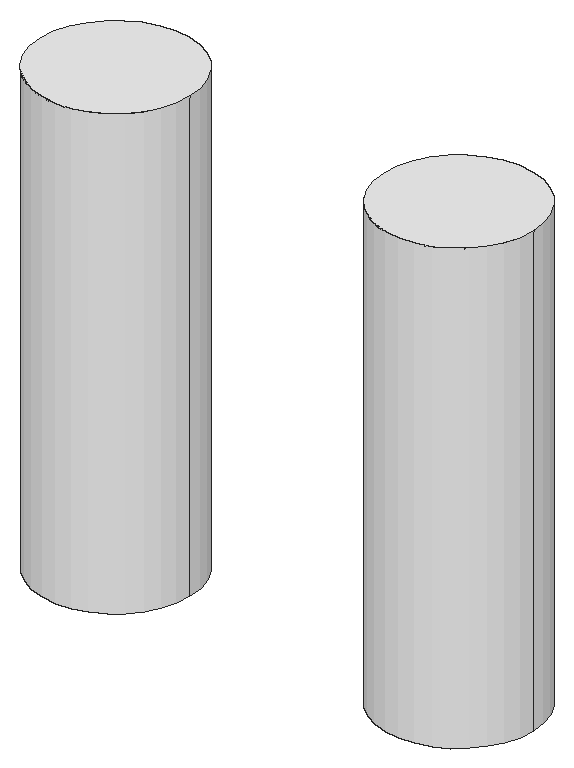
Revit family "921022190005(2023)", category Plumbing Fixtures, Revit 2020
Family settings
  Round Connector Dimension = Use Diameter
  Part Type = Normal
  OmniClass Number = 23.45.55.00
  OmniClass Title = Sanitary Faucets, Wastes
  Work Plane-Based = No
  Always vertical = Yes
  Cut with Voids When Loaded = No
  Shared = No
  Room Calculation Point = No
Parameters (values of type "921022190005 Washbasin faucet, 3 V, Bluetooth")
  Working Pressure = "100 - 1000 kPa"
  WarrantyStartDate [instance] = "n/a"
  WarrantyGuarantorParts = "n/a"
  WarrantyGuarantorLabor = "n/a"
  WarrantyDurationUnit = "Year"
  WarrantyDurationParts = "n/a"
  WarrantyDurationLabor = "n/a"
  WarrantyDescription = "http://warranty.hansa.com"
  Warranty Information URL = "http://warranty.hansa.com"
  VersionDate = "01/06/2023"
  Version = "1"
  ValvePattern = "n/a"
  ValveOperation = "n/a"
  ValveMechanism = "n/a"
  Uniclass2015Reference = "Pr_40_20_87_96"
  Uniclass2015Description = "Washbasin manual water supply sets"
  Uniclass2 = "Pr_40_30_96_96"
  URL WEEE = "http://static.hansa.com/WEEE/921022190005"
  URL UWL = "http://static.hansa.com/UWL/921022190005"
  URL REACH = "http://static.hansa.com/doc/reach"
  URL EcoLabel Declaration = "http://static.hansa.com/doc/EcoLabel"
  URL EU Packaging Declaration = "http://static.hansa.com/doc/packaging"
  URL Declaration of SCIP = "http://static.hansa.com/doc/SCIP"
  URL Declaration of Conformity = "http://static.hansa.com/DoC/921022190005"
  URL Declaration of Asbestos = "http://static.hansa.com/doc/asbestos"
  URL Declaration Of Performance (DOP) = "http://static.hansa.com/doc/DoP"
  URL = ""
  UNSPSC Class Number = "30181700 Faucets or taps"
  Type Comments = ""
  TestPressure = "n/a"
  Temperature Adjustments = "Adjustable hot water stop (included, retrofittable)"
  Technical DataSheet URL = "http://www.hansa.com/datasheet/921022190005/en"
  TagNumber [instance] = "n/a"
  SustainabilityPerformance = "n/a"
  Surface treatment = "Chrome"
  Spout Type = "Fixed spout"
  Spout Projection = "117 mm"
  Size = "70x165x135 mm"
  Shape = "Sculptured"
  SerialNumber [instance] = "n/a"
  Sales Package dimensions (LxWxH) = "284 x 191 x 83.5"
  Revision = "n/a"
  ReplacementCost = "n/a"
  Protection Class = "IP 55"
  ProductInformation = "n/a"
  Product URL = "http://static.hansa.com/921022190005"
  Product Image URL = "http://static.hansa.com/image/921022190005"
  Product Family = "HANSAELECTRA Eco+"
  Product Code = "921022190005"
  OperatingMechanismMaterial = "n/a"
  Operating Voltage = 39 V
  Operating Distance = "20-130 mm (110/130/160 mm)"
  NominalWidth = 69.286 mm
  NominalHeight = 135.012 mm
  NominalDepth = 163.081 mm
  Noise Class = "I (ISO 3822) "
  Name_en = "921022190005 Washbasin faucet, 3 V, Bluetooth"
  Name = "921022190005 Washbasin faucet, 3 V, Bluetooth"
  NBSReference = "45-35-70/371"
  NBSDescription = "Water supply fittings for wash basins and troughs"
  Mounting Holes = "1 hole"
  ModelReference = "921022190005"
  ModelNumber = "n/a"
  Model = "921022190005 Washbasin faucet, 3 V, Bluetooth"
  Mobile Product Information URL = "http://mpi.hansa.com/921022190005"
  Mechanical Parts = "Mixing valve for manual temperature control;Non-return valve(s);Litter filter(s)"
  Max. Hot Water Supply = 70 °C
  Max Flow Period = "2 min (1 - 1800 s)"
  Material = "Composite"
  Market = "International;Germany;Austria;Switzerland;Belgium;Netherlands;Italy"
  ManufacturerURL = "http://www.hansa.com"
  ManufacturerName = "HANSA"
  Manufacturer = "HANSA"
  Long Marketing = "Electra 92 series is giving you a whole new modern design with its rounded square body and spout. Giving you new fresh and updated design.\nDesign compliments the new trends of the modern bathroom with its more squared design.\n\nKey Features\nAerator with Eco flow limitation for ECO building installation\nNewest Sensor technology for better detection and operation comfort\nBluetooth technology for easy adjustment to personalize settings \nAntiscalding protection\nTemperature measurement\nBattery and power cable"
  Lever Handle = "Temperature control handle"
  Keynote = ""
  InstallationDate [instance] = "n/a"
  Installation Type = "Deck mounted"
  InletConnectionSize = 10 mm
  IfcExportType = "FAUCET"  # constant formula
  IfcExportAs = "IfcValveType"  # constant formula
  Group = "Washbasin faucet"
  Grade = "n/a"
  FlowCoefficient = 0
  Flow Rate At 300kPa With Flow Controller = 0.07 L/s
  Flow Drawing URL = "http://static.hansa.com/flowchart/921022190005"
  Finish = "Polished"
  Features = "Touchless;Battery-operated;External transformer;Bluetooth®;Lead free"
  FaucetMainMaterial = Brass
  FDV Document URL = "http://www.hansa.com/datasheet/921022190005/en/fdv"
  ExpectedLife = "n/a"
  Electronic Parts = ";Light indicated function(s);Low battery indicator"
  Electrical Connection = "9 V"
  ETIM Class Number = "EC010340 Electronic tap"
  EN Standard = "EN 15091"
  EMC Directive = "2014/53/EU , 2011/65/EU"
  EAN Number = "4057304019319"
  DurationUnit = "Year"
  Dimension Drawing URL = "http://static.hansa.com/dimdrw/921022190005"
  Description = ""
  DefaultElevation [instance] = 900 mm
  Default Elevation = 0 mm
  Constituents = "n/a"
  Connection Size = "G3/8"
  Connection = "Flexible inlet pipes"
  Color = "Chrome"
  CodePerformance = "n/a"
  CloseOffRating = 0
  Catalog Drawing URL = "http://static.hansa.com/catdrw/921022190005"
  Brand = "HANSA"
  BodyMaterial = "Brass"
  Bluetooth = "5.x (D060576)"
  Battery = "AA 1.5 V Lithium x 2"
  Barcode [instance] = "n/a"
  Backflow Prevention EN1717 = "EB"
  BIMObjectName = "921022190005(2023)"
  Automatic Flush Period = "30 s (1-1800 s)"
  Automatic Flush Frequency = "off (off/1-120 h)"
  Author = "BIMStone"
  AssetType = "Fixed"
  AssetIdentifier [instance] = "n/a"
  Afterflow Period = "3 s (1-20 s)"
  Aerator = "PCA® - constant flow rate regardless of pressure variations;Adjustable flow angle"
  Advanced Features = "3S-installation system for safe and simple mounting"
  AccessibilityPerformance = "n/a"
  2D/3D/BIM Files URL = "http://static.hansa.com/bim/921022190005"
Reference planes
  plane 1 "Center (Front/Back)": y = 0
  plane 2: z = 0
  plane 3 "Center (Left/Right)": x = 0
  plane 4: x = -27.304
  plane 5: z = 900
  plane 6: z = 870
  plane 7: y = -163.081
  plane 8: x = 27.304
  plane 9: z = 1035.012
  plane 10: x = 41.982
Forms (mm)
  Extrusion 1, solid, material "Brass" <- "FaucetMainMaterial"
    sketch origin (0, -2.393, 0) x (1, 0, 0) y (0, 1, 0)
      loop
        circle (-11.5, -22.5) r 5
      loop
        circle (11.5, -22.5) r 5
    from 870 to 900
Dimensions and locks
  "DefaultElevation": plane 5 to level
  locked: plane 5 to plane 6 at 30
  "NominalDepth": plane 7 to plane 1 "Center (Front/Back)"
  equal spacing: plane 4, plane 3 "Center (Left/Right)", plane 8
  "NominalHeight": plane 9 to plane 5
  locked: plane 8 to plane 10 at 14.678
  "NominalWidth": plane 4 to plane 10
  "InletConnectionSize": diameter of Extrusion 1 sketch curve  (x2)
  aligned and locked: level to plane 2
  aligned and locked: plane 5 to Extrusion 1
  aligned and locked: Extrusion 1 to plane 6
  aligned and locked: plane 1 "Center (Front/Back)" to nested 2
  aligned and locked: plane 3 "Center (Left/Right)" to nested 2
  aligned and locked: plane 3 "Center (Left/Right)" to nested 1
  aligned and locked: plane 1 "Center (Front/Back)" to nested 1
  aligned and locked: plane 5 to nested 2
Automatic sketch dimensions
  Extrusion 1 sketch curve to plane 3 "Center (Left/Right)" = 11.5 mm
  plane 3 "Center (Left/Right)" to Extrusion 1 sketch curve = 11.5 mm
  plane 1 "Center (Front/Back)" to Extrusion 1 sketch curve = 24.893 mm
  Extrusion 1 sketch curve to Extrusion 1 sketch curve = 0 mm
Nested families
  nested 1: "Symbol" at (0, 0, 0), type "Symbol", detail levels coarse
  nested 2: "921022190005(2023)_Body" at (0, 0, 900), Material <- "FaucetMainMaterial", type "921022190005(2023)_Body"
    with Material Brass
Connectors
  piping at (-11.5, -24.893, 870), diameter 10, driven by "InletConnectionSize"
    settings: on Extrusion 1, index 1, connector inside diameter 609.6 mm, connector length 0 mm, flow factor 0, pipe flow 0.2 L/s, pressure drop 0.0 Pa, fitting loss kfactor 0, connector angle 0.00°, fixture units 0, engagement length 0 mm, angle of deflection 0.00°, flow configuration 1, flow direction 1, fitting loss method 0, system type 19, joint type 0, gender type 0, connector reference index -1, connector utility 0, adjustable connector no, is connector primary yes, connector description ""
  piping at (11.5, -24.893, 870), diameter 10, driven by "InletConnectionSize"
    settings: on Extrusion 1, index 2, connector inside diameter 609.6 mm, connector length 0 mm, flow factor 0, pipe flow 0.2 L/s, pressure drop 0.0 Pa, fitting loss kfactor 0, connector angle 0.00°, fixture units 0, engagement length 0 mm, angle of deflection 0.00°, flow configuration 1, flow direction 1, fitting loss method 0, system type 20, joint type 0, gender type 0, connector reference index -1, connector utility 0, adjustable connector no, is connector primary no, connector description ""
Definition of nested family "Symbol"
  Reference planes
    plane 1: y = 0
    plane 2: x = 0
  Lines and regions (mm)
    detail lines
      curve 1: line (0, 0, 0) -> (0, -1.8, 0)
      curve 2: line (-0.4, -1.1, 0) -> (0.4, -1.1, 0)
      curve 3: line (-0.4, -1.4, 0) -> (0.4, -1.4, 0)
      curve 4: line (0.863, 0, 0) -> (-0.863, 0, 0)
      curve 5: circle (-1.163, 0, 0) r 0.3 normal (0, 0, -1)
      curve 6: circle (1.163, 0, 0) r 0.3 normal (0, 0, 1)
